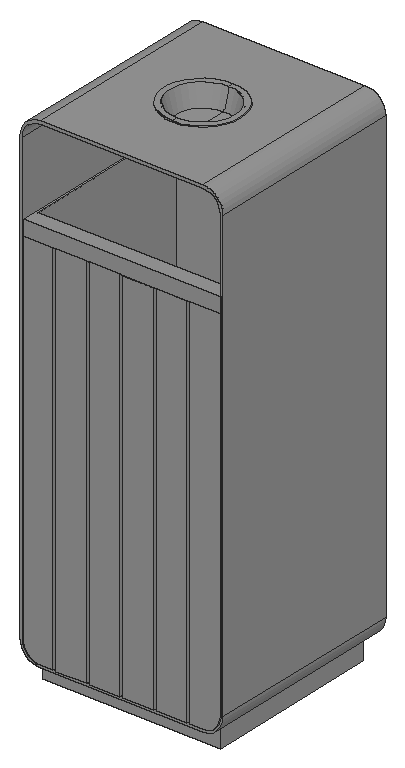
Revit family "58619 Урна «Город Вуд» Хоббика", category Антураж, Revit 2018
Family settings
  На основе рабочей плоскости = Нет
  Всегда вертикально = Да
  При загрузке вырезать с полостями = Нет
  Источник визуального образа = Геометрия семейства
  Общий = Нет
  Точка расчета площади = Нет
Parameters (values of type "С пепельницей")
  Ширина = 400 mm  # constant formula
  Цвет отделки = Дерево
  Цвет каркаса = Сталь
  С пепельницей = not(Без пепельницы)  # yes
  Описание = if(Без пепельницы, "Урна «Город Вуд». Без пепельницы", "Урна «Город Вуд». С пепельницей")  # "Урна «Город Вуд». С пепельницей"
  Материал изделия = "Сталь, дерево"  # constant formula
  Изображение типоразмера = Урна «Город Вуд» Арт 58619.jpg
  Изготовитель = "ООО «Хоббика»"  # constant formula
  Длина = 400 mm  # constant formula
  Группа модели = "Уличные урны"  # constant formula
  Высота = 1000 mm  # constant formula
  Без пепельницы = no
  Артикул товара = "Арт. 58619"  # constant formula
  URL = "https://hobbyka.ru/product/urna_soyuz"
Types (3, lengths in mm): name | С пепельницей | Описание | Без пепельницы
  (no name) | yes | "Урна «Город Вуд». С пепельницей" | no
  Без пепельницы | no | "Урна «Город Вуд». Без пепельницы" | yes
  С пепельницей | yes | "Урна «Город Вуд». С пепельницей" | no
Reference planes
  plane 1 "По центру (Вперед/Назад)": y = 0
  plane 2: z = 0
  plane 3 "По центру (Влево/Вправо)": x = 0
  plane 4: y = 400
  plane 5: x = 400
  plane 6: z = 1000
Forms (mm)
  Extrusion 1, solid, material "Сталь" <- "Цвет каркаса", visible <- "С пепельницей"
    sketch origin (0, 0, 0) x (1, 0, 0) y (0, 0, 1)
      loop
        arc (40, 1000) -> (11.716, 988.284) -> (0, 960) r 40
        line (0, 960) -> (0, 75)
        arc (0, 75) -> (11.716, 46.716) -> (40, 35) r 40
        line (40, 35) -> (360, 35)
        arc (360, 35) -> (388.284, 46.716) -> (400, 75) r 40
        line (400, 75) -> (400, 960)
        arc (400, 960) -> (388.284, 988.284) -> (360, 1000) r 40
        line (360, 1000) -> (40, 1000)
      loop
        arc (395, 960) -> (384.749, 984.749) -> (360, 995) r 35
        line (360, 995) -> (40, 995)
        arc (40, 995) -> (15.251, 984.749) -> (5, 960) r 35
        line (5, 960) -> (5, 75)
        arc (5, 75) -> (15.251, 50.251) -> (40, 40) r 35
        line (40, 40) -> (360, 40)
        arc (360, 40) -> (384.749, 50.251) -> (395, 75) r 35
        line (395, 75) -> (395, 960)
    from 0 to -400
  Extrusion 2, solid, material "Сталь" <- "Цвет каркаса"
    sketch origin (0, 0, 0) x (1, 0, 0) y (0, 1, 0)
      loop
        line (5, 375) -> (5, 25) -> (395, 25) -> (395, 375) -> (5, 375)
      loop
        line (10, 370) -> (10, 30) -> (390, 30) -> (390, 370) -> (10, 370)
    from 85 to 815
  Extrusion 3, solid, material "Сталь" <- "Цвет каркаса"
    sketch origin (0, 0, 0) x (1, 0, 0) y (0, 1, 0)
      loop
        line (5, 375) -> (395, 375) -> (395, 400) -> (5, 400) -> (5, 375)
      loop
        line (5, 25) -> (5, 0) -> (395, 0) -> (395, 25) -> (5, 25)
    from 785 to 815
  Extrusion 4, solid, material "Сталь" <- "Цвет каркаса"
    sketch origin (0, 0, 0) x (1, 0, 0) y (0, 1, 0)
      loop
        line (10, 370) -> (10, 30) -> (390, 30) -> (390, 370) -> (10, 370)
    from 85 to 90
  Extrusion 5, solid, material "Дерево" <- "Цвет отделки"
    sketch origin (0, 0, 0) x (1, 0, 0) y (0, 1, 0)
      loop
        line (5, 400) -> (5, 375) -> (65, 375) -> (65, 400) -> (5, 400)
      loop
        line (5, 25) -> (5, 0) -> (65, 0) -> (65, 25) -> (5, 25)
    from 40 to 785
  Extrusion 6, solid, material "Дерево" <- "Цвет отделки"
    sketch origin (330, 0, 0) x (1, 0, 0) y (0, 1, 0)
      loop
        line (5, 400) -> (5, 375) -> (65, 375) -> (65, 400) -> (5, 400)
      loop
        line (5, 25) -> (5, 0) -> (65, 0) -> (65, 25) -> (5, 25)
    from 40 to 785
  Extrusion 7, solid, material "Дерево" <- "Цвет отделки"
    sketch origin (66, 0, 0) x (1, 0, 0) y (0, 1, 0)
      loop
        line (5, 400) -> (5, 375) -> (65, 375) -> (65, 400) -> (5, 400)
      loop
        line (5, 25) -> (5, 0) -> (65, 0) -> (65, 25) -> (5, 25)
    from 40 to 785
  Extrusion 8, solid, material "Дерево" <- "Цвет отделки"
    sketch origin (132, 0, 0) x (1, 0, 0) y (0, 1, 0)
      loop
        line (5, 400) -> (5, 375) -> (65, 375) -> (65, 400) -> (5, 400)
      loop
        line (5, 25) -> (5, 0) -> (65, 0) -> (65, 25) -> (5, 25)
    from 40 to 785
  Extrusion 9, solid, material "Дерево" <- "Цвет отделки"
    sketch origin (198, 0, 0) x (1, 0, 0) y (0, 1, 0)
      loop
        line (5, 400) -> (5, 375) -> (65, 375) -> (65, 400) -> (5, 400)
      loop
        line (5, 25) -> (5, 0) -> (65, 0) -> (65, 25) -> (5, 25)
    from 40 to 785
  Extrusion 10, solid, material "Дерево" <- "Цвет отделки"
    sketch origin (264, 0, 0) x (1, 0, 0) y (0, 1, 0)
      loop
        line (5, 400) -> (5, 375) -> (65, 375) -> (65, 400) -> (5, 400)
      loop
        line (5, 25) -> (5, 0) -> (65, 0) -> (65, 25) -> (5, 25)
    from 40 to 785
  Extrusion 11, solid, material "Сталь" <- "Цвет каркаса"
    sketch origin (0, 0, 0) x (1, 0, 0) y (0, 1, 0)
      loop
        line (25, 375) -> (25, 25) -> (375, 25) -> (375, 375) -> (25, 375)
    from 0 to 85
  Revolve 12, solid, material "Нержавейка", visible <- "С пепельницей"
    sketch origin (200, 0, -60) x (0, 1, 0) y (0, 0, 1)
      loop
        line (135, 1060) -> (145.718, 1020) -> (200, 1020) -> (200, 1022) -> (147.253, 1022) -> (136.535, 1062) -> (125, 1062) -> (125, 1060) -> (135, 1060)
      axis (200, 1062) -> (200, 1020)
    angle from 0 to 360
  Revolve 13, void
    sketch origin (200, 0, -60) x (0, 1, 0) y (0, 0, 1)
      loop
        line (200, 1060) -> (135, 1060) -> (136.34, 1055) -> (200, 1055) -> (200, 1060)
      axis (200, 1060) -> (200, 1055)
    angle from 0 to 360
  Extrusion 14, solid, material "Сталь" <- "Цвет каркаса", visible <- "Без пепельницы"
    sketch origin (0, 0, 0) x (1, 0, 0) y (0, 0, 1)
      loop
        arc (40, 1000) -> (11.716, 988.284) -> (0, 960) r 40
        line (0, 960) -> (0, 75)
        arc (0, 75) -> (11.716, 46.716) -> (40, 35) r 40
        line (40, 35) -> (360, 35)
        arc (360, 35) -> (388.284, 46.716) -> (400, 75) r 40
        line (400, 75) -> (400, 960)
        arc (400, 960) -> (388.284, 988.284) -> (360, 1000) r 40
        line (360, 1000) -> (40, 1000)
      loop
        arc (395, 960) -> (384.749, 984.749) -> (360, 995) r 35
        line (360, 995) -> (40, 995)
        arc (40, 995) -> (15.251, 984.749) -> (5, 960) r 35
        line (5, 960) -> (5, 75)
        arc (5, 75) -> (15.251, 50.251) -> (40, 40) r 35
        line (40, 40) -> (360, 40)
        arc (360, 40) -> (384.749, 50.251) -> (395, 75) r 35
        line (395, 75) -> (395, 960)
    from 0 to -400
  Extrusion 15, void
    sketch origin (0, 0, 0) x (1, 0, 0) y (0, 0, 1)
      loop
        arc (395, 75) -> (384.749, 50.251) -> (360, 40) r 35
        line (360, 40) -> (395, 40) -> (395, 75)
      loop
        arc (40, 40) -> (15.251, 50.251) -> (5, 75) r 35
        line (5, 75) -> (5, 40) -> (40, 40)
    from 0 to -400
Cuts and joins
  joined: Extrusion 2, Extrusion 3
  Revolve 13 cuts Extrusion 1
  Extrusion 15 cuts Extrusion 5
  Extrusion 15 cuts Extrusion 6
Dimensions and locks
  "Ширина": plane 4 to plane 1 "По центру (Вперед/Назад)"
  "Длина": plane 5 to plane 3 "По центру (Влево/Вправо)"
  equal spacing: group 1, group 3, group 4, group 5, group 6, group 2  (x3)
  level to plane 6 = 1000 mm
  "Высота": plane 6 to level
  aligned and locked: level to plane 2
Automatic sketch dimensions
  Extrusion 5 sketch curve to Extrusion 5 sketch curve = 60 mm  (x2)
  Extrusion 5 sketch curve to Extrusion 5 sketch curve = 25 mm  (x2)
  Extrusion 5 sketch curve to Extrusion 5 sketch curve = 0 mm
  Extrusion 5 sketch curve to Extrusion 5 sketch curve = 350 mm
  Extrusion 6 sketch curve to Extrusion 6 sketch curve = 60 mm  (x2)
  Extrusion 6 sketch curve to Extrusion 6 sketch curve = 25 mm  (x2)
  Extrusion 6 sketch curve to Extrusion 6 sketch curve = 0 mm
  Extrusion 6 sketch curve to Extrusion 6 sketch curve = 350 mm
  Extrusion 7 sketch curve to Extrusion 7 sketch curve = 60 mm  (x2)
  Extrusion 7 sketch curve to Extrusion 7 sketch curve = 25 mm  (x2)
  Extrusion 7 sketch curve to Extrusion 7 sketch curve = 0 mm
  Extrusion 7 sketch curve to Extrusion 7 sketch curve = 350 mm
  Extrusion 8 sketch curve to Extrusion 8 sketch curve = 60 mm  (x2)
  Extrusion 8 sketch curve to Extrusion 8 sketch curve = 25 mm  (x2)
  Extrusion 8 sketch curve to Extrusion 8 sketch curve = 0 mm
  Extrusion 8 sketch curve to Extrusion 8 sketch curve = 350 mm
  Extrusion 9 sketch curve to Extrusion 9 sketch curve = 60 mm  (x2)
  Extrusion 9 sketch curve to Extrusion 9 sketch curve = 25 mm  (x2)
  Extrusion 9 sketch curve to Extrusion 9 sketch curve = 0 mm
  Extrusion 9 sketch curve to Extrusion 9 sketch curve = 350 mm
  Extrusion 10 sketch curve to Extrusion 10 sketch curve = 60 mm  (x2)
  Extrusion 10 sketch curve to Extrusion 10 sketch curve = 25 mm  (x2)
  Extrusion 10 sketch curve to Extrusion 10 sketch curve = 0 mm
  Extrusion 10 sketch curve to Extrusion 10 sketch curve = 350 mm
  Extrusion 1 sketch curve to Extrusion 1 sketch curve = 0 mm  (x9)
  Extrusion 1 sketch curve to plane 3 "По центру (Влево/Вправо)" = 0 mm
  Extrusion 1 sketch curve to plane 5 = 0 mm
  plane 3 "По центру (Влево/Вправо)" to Extrusion 1 sketch curve = 5 mm
  plane 3 "По центру (Влево/Вправо)" to Extrusion 1 sketch curve = 40 mm
  Extrusion 1 sketch curve to Extrusion 1 sketch curve = 35 mm
  Extrusion 1 sketch curve to plane 5 = 40 mm  (x2)
  level to Extrusion 1 sketch curve = 75 mm
  plane 3 "По центру (Влево/Вправо)" to Extrusion 2 sketch curve = 5 mm
  Extrusion 2 sketch curve to Extrusion 2 sketch curve = 5 mm  (x3)
  Extrusion 2 sketch curve to plane 5 = 10 mm
  Extrusion 2 sketch curve to plane 5 = 5 mm
  Extrusion 2 sketch curve to plane 1 "По центру (Вперед/Назад)" = 25 mm
  Extrusion 2 sketch curve to plane 4 = 30 mm
  plane 1 "По центру (Вперед/Назад)" to Extrusion 3 sketch curve = 0 mm
  Extrusion 3 sketch curve to plane 4 = 0 mm
  plane 3 "По центру (Влево/Вправо)" to Extrusion 3 sketch curve = 5 mm  (x2)
  Extrusion 3 sketch curve to plane 5 = 5 mm  (x2)
  Extrusion 3 sketch curve to plane 1 "По центру (Вперед/Назад)" = 25 mm
  Extrusion 3 sketch curve to plane 4 = 25 mm
  plane 3 "По центру (Влево/Вправо)" to Extrusion 4 sketch curve = 10 mm
  Extrusion 4 sketch curve to plane 5 = 10 mm
  Extrusion 4 sketch curve to plane 1 "По центру (Вперед/Назад)" = 30 mm
  Extrusion 4 sketch curve to plane 4 = 30 mm
  plane 3 "По центру (Влево/Вправо)" to Extrusion 11 sketch curve = 25 mm
  Extrusion 11 sketch curve to plane 5 = 25 mm
  Extrusion 11 sketch curve to plane 1 "По центру (Вперед/Назад)" = 25 mm
  Extrusion 11 sketch curve to plane 4 = 25 mm
  Revolve 12 sketch curve to plane 1 "По центру (Вперед/Назад)" = 125 mm
  Revolve 12 sketch curve to Revolve 12 sketch curve = 10 mm
  Revolve 12 sketch curve to Revolve 12 sketch curve = 1.535 mm  (x2)
  Revolve 12 sketch curve to Revolve 12 sketch curve = 10.718 mm
  Revolve 12 sketch curve to Revolve 12 sketch curve = 52.747 mm
  Revolve 12 sketch curve to Revolve 12 sketch curve = 2 mm
  Revolve 12 sketch curve to Revolve 12 sketch curve = 0 mm
  Revolve 12 sketch curve to Revolve 12 sketch curve = 60 mm
  Revolve 13 sketch curve to plane 1 "По центру (Вперед/Назад)" = 135 mm
  Revolve 13 sketch curve to Revolve 13 sketch curve = 1.34 mm
  Revolve 13 sketch curve to Revolve 13 sketch curve = 63.66 mm
  Revolve 13 sketch curve to plane 1 "По центру (Вперед/Назад)" = 200 mm
  Revolve 13 sketch curve to Revolve 13 sketch curve = 95 mm
  Revolve 13 sketch curve to Revolve 13 sketch curve = 200 mm
  Extrusion 14 sketch curve to Extrusion 14 sketch curve = 0 mm  (x9)
  Extrusion 14 sketch curve to plane 3 "По центру (Влево/Вправо)" = 0 mm
  Extrusion 14 sketch curve to plane 5 = 0 mm
  plane 3 "По центру (Влево/Вправо)" to Extrusion 14 sketch curve = 5 mm
  plane 3 "По центру (Влево/Вправо)" to Extrusion 14 sketch curve = 40 mm
  Extrusion 14 sketch curve to Extrusion 14 sketch curve = 35 mm
  Extrusion 14 sketch curve to plane 5 = 40 mm  (x2)
  level to Extrusion 14 sketch curve = 75 mm
  Extrusion 15 sketch curve to plane 5 = 40 mm
  level to Extrusion 15 sketch curve = 75 mm  (x2)
  Extrusion 15 sketch curve to plane 5 = 5 mm
  Extrusion 15 sketch curve to Extrusion 15 sketch curve = 0 mm  (x3)
  plane 3 "По центру (Влево/Вправо)" to Extrusion 15 sketch curve = 5 mm
  Extrusion 15 sketch curve to Extrusion 15 sketch curve = 320 mm
  Extrusion 15 sketch curve to Extrusion 15 sketch curve = 35 mm  (x5)
  Extrusion 1 sketch curve to plane 6 = 0 mm
  Revolve 12 sketch curve to plane 6 = 0 mm
  Revolve 12 sketch curve to plane 6 = 38 mm
  plane 6 to Revolve 12 sketch curve = 2 mm
  plane 6 to Revolve 12 sketch curve = 200 mm
  Revolve 13 sketch curve to plane 6 = 0 mm
  Revolve 13 sketch curve to plane 6 = 5 mm
  Extrusion 14 sketch curve to plane 6 = 0 mm
